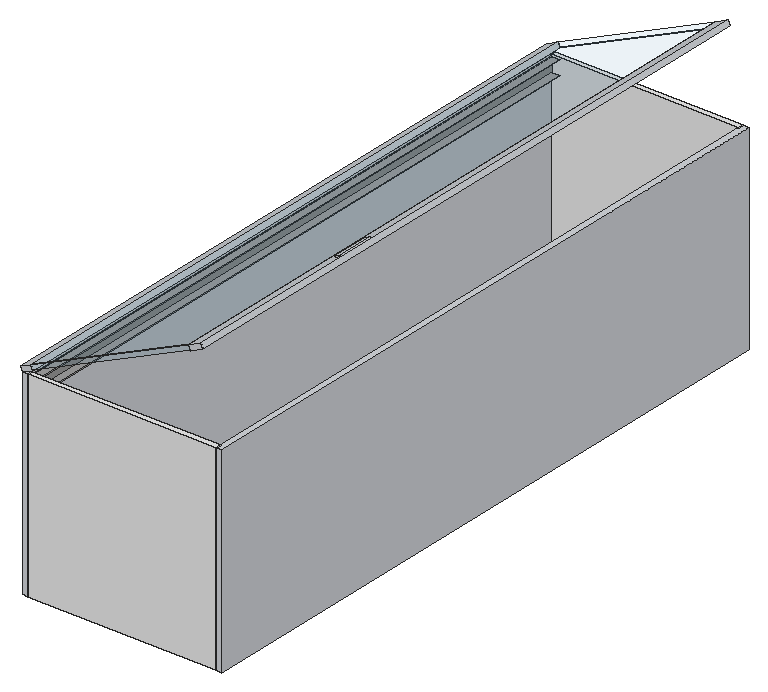
Revit family "Domotics-CablaggioStrutturato-GEWISS-QUADRI_PAVIMENTO_19_42U_P600", category Apparecchi elettrici, host Superficie, Revit 2019
Family settings
  Host = Superficie
  Mantenere orientamento annotazione = Sì
  Quota connettore circolare = Usa diametro
  Tipo di parte = Normale
  Numero OmniClass = 23.80.30.00
  Titolo OmniClass = Distribution Devices
  Taglio con vuoti quando caricato = No
  Condiviso = No
  Punto di calcolo locali = Sì
Parameters (values of type "GW38453 - ARMADIO DA PAVIMENTO 19 42U 600x600MM")
  simbolo in pianta [instance] = yes
  n_poli = 1
  barra din = yes
  Visibilità sportello [instance] = yes
  Versione file RFA = "21.2"
  UnitÃ  di cablaggio = "42 U"
  URL = "https://www.gewiss.com/it/it"
  Tipologia porta = "Reversibile"
  Scheda Tecnica = "https://www.gewiss.com/it/it/search?q=GW38453"
  SEO = "Armadio LAN"
  Prospetto di default = 900 mm
  ProfonditÃ  (mm) = "600 mm"
  Produttore = "GEWISS S.p.A."
  Portata statica = "1000KG"
  Nome quadro [instance] = "n.quadro"
  N. montanti = "2"
  Modello = "GW38453"
  Materiale = "Acciaio"
  Immagine tipo = C.jpg
  IDT = "2c3537e4062d42a8957edef7e9daf840"
  IDF = "c6ace9a9-1ba3-4fd7-9f22-0035c25fd848"
  Grado di protezione = "IP20"
  Finitura = "Bucciata"
  Distanza_x [instance] = 300 mm
  Distanza simbolo [instance] = 0 mm
  Distanza effettiva x [instance] = 1000 mm - Distanza_x  # 700 mm
  Dim. esterne BxHxP (mm) = "600x1985x600"
  Descrizione = "ARMADIO DA PAVIMENTO 19 42U 600x600MM"
  Creato da GEWISS S.p.A. = ""
  Colore = "Grigio (RAL 7035)"
  Codice Electrocod = "3752"
  Categoria = "Armadio da pavimento 19\""
  Catalogo = "DOMOTICS"
  COBie.Tagnumber = ""
  COBie.CreatedOn = ""
  COBie.CreatebBy = ""
  COBie.ComponentRegisterItemID = ""
  COBie.Component.TagNumber = ""
  COBie.Component.Space = ""
  COBie.Component.SerialNumber = ""
  COBie.Component.InstallationDate = ""
  COBie.Component.Description = ""
  COBie.Component.BarCode = ""
  Apertura porta = "135°"
  Apertura [instance] = 25.00°
Reference planes
  plane 1 "Centro (Fronte/Retro)": y = 0
  plane 2: z = 0
  plane 3 "Centro (Sinistra/Destra)": x = 0
  plane 4: x = -1380.34
  plane 5: x = -680.34
Forms (mm)
  Extrusion 1, solid, detail levels coarse
    sketch origin (0, 0, 0) x (1, 0, 0) y (0, 1, 0)
      loop
        line (583.5, 0) -> (583.5, 1985) -> (-16.5, 1985) -> (-16.5, 0) -> (583.5, 0)
    from 0 to 600
Dimensions and locks
  plane 4 to plane 3 "Centro (Sinistra/Destra)" = 1380.34 mm
  "Distanza effettiva x": plane 4 to plane 5
  aligned and locked: host face to plane 2
  aligned and locked: host face to level
  aligned and locked: plane 1 "Centro (Fronte/Retro)" to nested 1
  aligned and locked: nested 2 to plane 5
  aligned and locked: Extrusion 1 sketch curve to nested 1  (x4)
  aligned and locked: Extrusion 1 to nested 1
  aligned and locked: plane 3 "Centro (Sinistra/Destra)" to nested 1
Automatic sketch dimensions
  host sketch curve to host sketch curve = 3398.537 mm
  host sketch curve to host sketch curve = 3619.2 mm
Nested families
  nested 1: "DATACENTER ARMADIO PARETE 42U P600mm_base" at (-16.5, 0, 0), Apertura <- "Apertura", Sportello <- "Visibilità sportello", visible <- "Visibilità sportello", Barra din <- "barra din", Sportello visibile <- "Visibilità sportello", type "DATACENTER ARMADIO PARETE 42U P600mm_base", detail levels medium+fine
    with Sportello visibile yes, Sportello yes, Barra din yes, Apertura 25.00°
  nested 2: "DATACENTERsimbolo" at (-680.34, 911.19, 0), Distanza dal muro <- "Distanza simbolo", SIMBOLO ACCESO <- "simbolo in pianta", visible <- "simbolo in pianta", type "3P"
    with SIMBOLO ACCESO yes, Distanza dal muro 0 mm
Connectors
  electrical at (283.5, 992.5, 0), driven by "n_poli"
    settings: on nested 1, index 1, voltage 0 V, apparent load 0 VA, apparent load phase1 0 VA, apparent load phase2 0 VA, apparent load phase3 0 VA, power factor 1, load classification "Altro", number of poles 1, system type 31, power factor state 1, is connector primary yes, connector utility no, sub classification motor no, connector description ""
Definition of nested family "DATACENTER ARMADIO PARETE 42U P600mm_base"
  Parameters (values of type "DATACENTER ARMADIO PARETE 42U P600mm_base")
    Struttura = none
    Sportello_vetro = none
    Sportello visibile [instance] = yes
    Sportello lato = none
    Sportello [instance] = yes
    Profondità quadro = 600 mm  # constant formula
    L_quadro = 600 mm  # constant formula
    Barra din [instance] = yes
    Altezza quadro = 1985 mm  # constant formula
    Apertura [instance] = 45.00°
  Reference planes
    plane 1 "Centro (Fronte/Retro)": y = 0
    plane 2: z = 0
    plane 3 "Centro (Sinistra/Destra)": x = 0
    plane 4: x = 600
    plane 5: y = 1985
    plane 6: x = 16.5
    plane 7: y = 1968.5
    plane 8: y = 16.5
    plane 9: x = 583.5
    plane 10: z = 600
    plane 11: z = 16.5
    plane 12: x = 46.5
    plane 13: x = 18.5
    plane 14: z = 596
    plane 15: z = 551
    plane 16: z = 594
    plane 17: x = 20.5
    plane 18: z = 553
    plane 19: x = 44.5
    plane 20: z = 18.5
    plane 21: z = 63.5
    plane 22: z = 61.5
    plane 23: z = 20.5
  Forms (mm)
    Extrusion 1, solid, material <- "Struttura"
      sketch origin (0, 0, 0) x (1, 0, 0) y (0, 1, 0)
        loop
          line (16.5, 1968.5) -> (583.5, 1968.5) -> (583.5, 1985) -> (16.5, 1985) -> (16.5, 1968.5)
      from 0 to 600
    Extrusion 2, solid
      sketch origin (0, 0, 0) x (1, 0, 0) y (0, 1, 0)
        loop
          line (16.5, 1968.5) -> (16.5, 16.5) -> (583.5, 16.5) -> (583.5, 1968.5) -> (16.5, 1968.5)
      from 0 to 16.5
    Extrusion 3, solid
      sketch origin (382.272, 0, 982.272) x (-0.707107, 0, -0.707107) y (0, -1, 0)
        loop
          line (-59.386, 0) -> (-59.386, -1985) -> (-20.759, -1985) -> (-20.759, 0) -> (-59.386, 0)
        loop
          line (540.614, -1985) -> (540.614, 0) -> (506.604, 0) -> (506.604, -1985) -> (540.614, -1985)
      from 0 to 15
    Extrusion 4, solid, material <- "Sportello_vetro", visible <- "Sportello visibile"
      sketch origin (382.272, 0, 982.272) x (-0.707107, 0, -0.707107) y (0, -1, 0)
        loop
          line (506.604, 0) -> (-20.759, 0) -> (-20.759, -1985) -> (506.604, -1985) -> (506.604, 0)
      from 0 to 15
    Extrusion 5, solid
      sketch origin (0, 0, 0) x (1, 0, 0) y (0, 1, 0)
        loop
          line (0, 1985) -> (0, 0) -> (16.5, 0) -> (16.5, 1985) -> (0, 1985)
        loop
          line (600, 0) -> (600, 1985) -> (583.5, 1985) -> (583.5, 0) -> (600, 0)
      from 0 to 600
    Extrusion 6, solid, material <- "Struttura"
      sketch origin (0, 400, 0) x (1, 0, 0) y (0, 1, 0)
        loop
          line (16.5, -383.5) -> (16.5, -400) -> (583.5, -400) -> (583.5, -383.5) -> (16.5, -383.5)
      from 0 to 600
    Extrusion 7, solid
      sketch origin (382.272, 0, 982.272) x (-0.707107, 0, -0.707107) y (0, -1, 0)
        loop
          line (-33.539, -647.5) -> (-33.539, -537.5) -> (-52.092, -537.5) -> (-52.092, -647.5) -> (-33.539, -647.5)
      from 2.698 to 17.686
    Extrusion 8, solid, visible <- "Barra din"
      sketch origin (0, 0, 0) x (1, 0, 0) y (0, 0, 1)
        loop
          line (46.5, 596) -> (18.5, 596) -> (18.5, 551) -> (46.5, 551) -> (46.5, 553) -> (20.5, 553) -> (20.5, 594) -> (46.5, 594) -> (46.5, 596)
      from -1968.5 to -16.5
    Extrusion 9, solid, visible <- "Barra din"
      sketch origin (0, 0, 600) x (1, 0, 0) y (0, 0, 1)
        loop
          line (46.5, -581.5) -> (46.5, -579.5) -> (20.5, -579.5) -> (20.5, -538.5) -> (46.5, -538.5) -> (46.5, -536.5) -> (18.5, -536.5) -> (18.5, -581.5) -> (46.5, -581.5)
      from -1968.5 to -16.5
  Lines and regions (mm)
    reference lines
      curve 1: line (382.272, 0, 982.272) -> (0, 0, 600)
  Dimensions and locks
    "L_quadro": plane 3 "Centro (Sinistra/Destra)" to plane 4
    "Altezza quadro": plane 1 "Centro (Fronte/Retro)" to plane 5
    locked: plane 5 to plane 7 at 16.5
    locked: plane 9 to plane 4 at 16.5
    locked: plane 3 "Centro (Sinistra/Destra)" to plane 6 at 16.5
    locked: plane 1 "Centro (Fronte/Retro)" to plane 8 at 16.5
    "Profondità quadro": plane 10 to plane 2
    locked: plane 11 to level at 16.5
    locked: plane 6 to plane 12 at 30
    locked: Extrusion 3 sketch curve to Extrusion 3 sketch curve at 38.628
    locked: Extrusion 3 sketch curve to Extrusion 3 sketch curve at 34.009
    "L_quadro": Extrusion 3 sketch curve to Extrusion 3 sketch curve
    "Altezza quadro": Extrusion 3 sketch curve to Extrusion 3 sketch curve  (x2)
    "Altezza quadro": Extrusion 4 sketch curve to Extrusion 4 sketch curve
    Extrusion 7 sketch curve to Extrusion 7 sketch curve = 18.553 mm
    Extrusion 3 to Extrusion 3 = 1985 mm
    locked: plane 13 to plane 6 at 2
    locked: plane 10 to plane 14 at 4
    locked: plane 14 to plane 16 at 2
    locked: plane 18 to plane 15 at 2
    locked: plane 14 to plane 15 at 45
    locked: plane 23 to plane 20 at 2
    "Apertura": angle plane 10 to curve 1
    aligned and locked: level to plane 2
    aligned and locked: Extrusion 1 sketch curve to plane 7
    aligned and locked: Extrusion 1 sketch curve to plane 5
    aligned and locked: Extrusion 1 sketch curve to plane 6
    aligned and locked: plane 9 to Extrusion 1 sketch curve
    aligned and locked: plane 10 to Extrusion 1
    aligned and locked: Extrusion 2 sketch curve to plane 6
    aligned and locked: Extrusion 2 sketch curve to plane 7
    aligned and locked: Extrusion 2 sketch curve to plane 9
    aligned and locked: Extrusion 2 sketch curve to plane 8
    aligned and locked: plane 11 to Extrusion 2
    aligned and locked: curve 1 to Extrusion 1
    aligned and locked: plane 10 to curve 1
    aligned and locked: Extrusion 3 sketch curve to plane 5
    aligned and locked: Extrusion 3 sketch curve to plane 1 "Centro (Fronte/Retro)"
    aligned and locked: Extrusion 4 sketch curve to curve 1
    aligned and locked: Extrusion 4 sketch curve to Extrusion 3  (x2)
    aligned and locked: Extrusion 5 sketch curve to plane 3 "Centro (Sinistra/Destra)"
    aligned and locked: Extrusion 5 sketch curve to plane 6
    aligned and locked: Extrusion 5 sketch curve to plane 4
    aligned and locked: Extrusion 5 sketch curve to plane 9
    aligned and locked: Extrusion 5 sketch curve to plane 5
    aligned and locked: Extrusion 5 sketch curve to plane 1 "Centro (Fronte/Retro)"
    aligned and locked: plane 10 to Extrusion 5
    aligned and locked: plane 8 to Extrusion 6 sketch curve
    aligned and locked: plane 1 "Centro (Fronte/Retro)" to Extrusion 6 sketch curve
    aligned and locked: plane 9 to Extrusion 6 sketch curve
    aligned and locked: plane 6 to Extrusion 6 sketch curve
    aligned and locked: Extrusion 8 sketch curve to plane 14
    aligned and locked: Extrusion 8 sketch curve to plane 13
    aligned and locked: Extrusion 8 sketch curve to plane 15
    aligned and locked: Extrusion 8 sketch curve to plane 18
    aligned and locked: Extrusion 8 sketch curve to plane 17
    aligned and locked: Extrusion 8 sketch curve to plane 12
    aligned and locked: Extrusion 8 sketch curve to plane 16
    aligned and locked: Extrusion 8 to Extrusion 1
    aligned and locked: Extrusion 8 to Extrusion 6
    aligned and locked: plane 21 to Extrusion 9 sketch curve
    aligned and locked: plane 22 to Extrusion 9 sketch curve
    aligned and locked: plane 23 to Extrusion 9 sketch curve
    aligned and locked: plane 20 to Extrusion 9 sketch curve
    aligned and locked: plane 17 to Extrusion 9 sketch curve
    aligned and locked: plane 13 to Extrusion 9 sketch curve
    aligned and locked: Extrusion 2 to Extrusion 9
    aligned and locked: Extrusion 9 to Extrusion 1
    aligned and locked: Extrusion 6 to Extrusion 1
  Automatic sketch dimensions
    plane 1 "Centro (Fronte/Retro)" to Extrusion 5 sketch curve = 0 mm
    Extrusion 5 sketch curve to plane 5 = 0 mm
    Extrusion 7 sketch curve to curve 1 = 52.092 mm
    Extrusion 7 sketch curve to Extrusion 7 sketch curve = 18.553 mm
    Extrusion 7 sketch curve to curve 1 = 647.5 mm
    Extrusion 7 sketch curve to curve 1 = 537.5 mm
    Extrusion 8 sketch curve to plane 12 = 0 mm
    Extrusion 9 sketch curve to plane 12 = 0 mm  (x2)
    curve 1 to plane 3 "Centro (Sinistra/Destra)" = 0 mm
    Extrusion 3 sketch curve to curve 1 = 0 mm
Definition of nested family "DATACENTERsimbolo"
  Parameters (values of type "3P")
    SIMBOLO ACCESO [instance] = yes
    Distanza dal muro [instance] = 0 mm
  Reference planes
    plane 1: y = 0
    plane 2: x = 0
  Dimensions and locks
    "Distanza dal muro": plane 1 to nested 1
    aligned and locked: plane 2 to nested 1
  Nested families
    nested 1: "DATACENTERsimbolo.base" at (0, 0, 0), type "3P"
      with CORNICE SIMBOLO yes
  Definition of nested family "DATACENTERsimbolo.base"
    Parameters (values of type "3P")
      Testo = ""
      CORNICE SIMBOLO [instance] = yes
      3P = yes
    Reference planes
      plane 1: y = 0
      plane 2: x = 0
    Lines and regions (mm)
      detail lines
        curve 1: line (6.852, 3.426, 0) -> (8.859, 3.426, 0)
        curve 2: line (8.859, 3.426, 0) -> (8.859, 0, 0)
        curve 3: line (8.859, 0, 0) -> (6.852, 0, 0)
        curve 4: line (6.852, 0, 0) -> (0, 3.426, 0)
        curve 5: line (0, 3.426, 0) -> (3.027, 3.426, 0)
        curve 6: line (3.027, 3.426, 0) -> (6.852, 3.426, 0)
        curve 7: line (6.852, 3.426, 0) -> (6.852, 0, 0)
        curve 8: line (6.852, 0, 0) -> (0, 0, 0)
        curve 9: line (0, 0, 0) -> (0, 3.426, 0)
        curve 10: line (7.856, 1.713, 0) -> (7.856, 2.67, 0)
        curve 11: line (8.526, 0.756, 0) -> (8.526, 1.713, 0)
        curve 12: line (8.526, 1.713, 0) -> (7.185, 1.713, 0)
        curve 13: line (7.185, 1.713, 0) -> (7.185, 0.756, 0)
    Text (mm)
      label "RJ" at (7.87, 1.29, 0), shows "Testo"
    Nested families
      nested 1: "testo_simb" at (7.89, 1.134, 0), type "3P"
        with SIMBOLO ACCESO yes, Distanza dal muro 0 mm
      nested 2: "testo_simb" at (7.855, 0, 0), type "3P"
        with SIMBOLO ACCESO yes, Distanza dal muro 0 mm
      nested 3: "testo_simb" at (7.855, 0, 0), type "3P"
        with SIMBOLO ACCESO yes, Distanza dal muro 0 mm
      nested 4: "testo_simb" at (7.855, 0, 0), type "3P"
        with SIMBOLO ACCESO yes, Distanza dal muro 0 mm
      nested 5: "testo_simb" at (7.855, 0, 0), type "3P"
        with SIMBOLO ACCESO yes, Distanza dal muro 0 mm
    Definition of nested family "testo_simb"
      Parameters (values of type "3P")
        testo simb = ""
        SIMBOLO ACCESO [instance] = yes
        Distanza dal muro [instance] = 0 mm
      Reference planes
        plane 1: y = 0
        plane 2: x = 0
      Text (mm)
        label "RJ" at (0.02, 0.123, 0), shows "testo simb"
